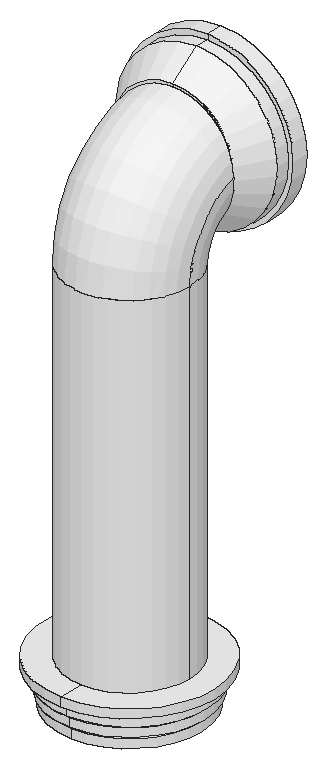
Revit family "105 - CODO CONECTOR A 20,5 CM", category Uniones de tubería, Revit 2020
Family settings
  Cota de conector redondo = Radio de uso
  Tipo de pieza = Codo
  Número OmniClass = 23.45.05.14.21.11
  Título OmniClass = Bath/Shower Units
  Se basa en plano de trabajo = Sí
  Siempre vertical = Sí
  Corte con vacíos al cargar = No
  Compartido = No
Parameters (values of type "CODO CONECTOR A 20,5 CM")
  WFU = 2
  URL = "https://www.fanaloza.cl/producto/codo-de-conexion-taza-piso-a-205-cm/"
  Sanitary Radius = 20 mm
  HWFU = 1
  F_Tolerancia dimensional = ""
  F_Tipo de instalación = "A piso"
  F_Tipo de aro = ""
  F_SKU = "SC0024620001BO"
  F_Profundidad = 13.00 cm
  F_Productos necesarios para instalación = ""
  F_Productos incluidos = ""
  F_Peso = 0.38 kgf
  F_Distancia de instalación a muro terminado (cm) = "20.5"
  F_Descripción = "Codo de conexión para inodoro multidescarga, para instalación a 20,5 cm. Fabricado en PVC de alta resistencia"
  F_Contacto comercial = "ventas@fanaloza.cl"
  F_Consumo / Capacidad de agua (L) = ""
  F_Color = "Blanco"
  F_Certificación = ""
  F_Ancho = 12.80 cm
  F_Alto = 41.50 cm
  Default Elevation = 0.00 cm
  CWFU = 1
  Bath Tub Material = none
  Flow Pressure [instance] = 55158.0 Pa
  Faucet Material = none
  Cold Water Radius = 7.5 mm
Reference planes (cm)
  plane 1 "Center (Front/Back)": y = 0
  plane 2: z = 0
  plane 3 "Center (Left/Right)": x = 0
Dimensions and locks (cm)
  aligned and locked: level to nested 1
  aligned and locked: plane 1 "Center (Front/Back)" to nested 1
Nested families (cm)
  nested 1: "CODO CONECTOR A 20,5 CM" at (17.5766, 0, 0), type "CODO CONECTOR A 20,5 CM"
    with Flow Pressure 55158.0 Pa
Connectors (cm)
  piping at (0, 0, 35.1), diameter 7.2
    settings: on nested 1, index 1, connector inside diameter 609.6 mm, connector length 0.00 cm, flow factor 0, pipe flow 0.0 L/s, pressure drop 0.0 Pa, fitting loss kfactor 0, connector angle 0.00°, fixture units 0, engagement length 0.00 cm, angle of deflection 0.00°, flow configuration 3, flow direction 2, fitting loss method 4, system type 16, joint type 0, gender type 0, connector reference index -1, connector utility 0, adjustable connector no, is connector primary yes, connector description "OUT"
  piping at (0, -8.5, 0), diameter 7.2
    settings: on nested 1, index 2, connector inside diameter 609.6 mm, connector length 0.00 cm, flow factor 0, pipe flow 0.0 L/s, pressure drop 0.0 Pa, fitting loss kfactor 0, connector angle 0.00°, fixture units 0, engagement length 0.00 cm, angle of deflection 0.00°, flow configuration 3, flow direction 2, fitting loss method 4, system type 16, joint type 0, gender type 0, connector reference index -1, connector utility 0, adjustable connector no, is connector primary no, connector description "OUT"
Definition of nested family "CODO CONECTOR A 20,5 CM"
  Parameters (values of type "CODO CONECTOR A 20,5 CM")
    WFU = 2
    Sanitary Radius = 20 mm
    HWFU = 3
    F_Tolerancia dimensional = ""
    F_Tipo de instalación = ""
    F_Tipo de aro = ""
    F_SKU = ""
    F_Profundidad = 0.00 cm
    F_Productos necesarios para instalación = ""
    F_Productos incluidos = ""
    F_Peso = 0.00 kgf
    F_Distancia de instalación a muro terminado (cm) = ""
    F_Descripción = ""
    F_Contacto comercial = ""
    F_Consumo / Capacidad de agua (L) = ""
    F_Color = ""
    F_Certificación = ""
    F_Ancho = 0.00 cm
    F_Alto = 0.00 cm
    Flow Pressure [instance] = 55158.0 Pa
    Default Elevation = 0.00 cm
    Cold Water Radius = 7.5 mm
    PVC = none
    CWFU = 3
  Reference planes (cm)
    plane 1 "Center (Front/Back)": y = 0
    plane 2: z = 0
    plane 3: x = -17.5766
    plane 4: z = 41.5
    plane 5: z = 35.1
    plane 6: z = 39.6
  Forms (cm)
    Revolve 1, solid, material <- "PVC"
      sketch origin (-17.5766, -8.5, 0) x (0, 1, 0) y (0, 0, 1)
        loop
          line (8.5, 41.5) -> (7.2503, 41.5) -> (7.2503, 41.1258) -> (6.2503, 41.1258) -> (4.0253, 39.6) -> (4.0253, 38.7) -> (8.5, 38.7) -> (8.5, 41.5)
        axis (4.0253, 35.1) -> (8.5, 35.1)
      angle from 0 to 360
    Revolve 2, solid, material <- "PVC"
      sketch origin (-17.5766, -8.5, 0) x (0, 1, 0) y (0, 0, 1)
        loop
          line (6.4, 3.2) -> (3.6, 3.2) -> (3.6, 0) -> (5.4, 0) -> (5.4, 0.639) -> (4.5, 0.639) -> (4.5, 0.8537) -> (5.6, 0.8537) -> (5.6, 1.4927) -> (4.5, 1.4927) -> (4.5, 1.7073) -> (5.85, 1.7073) -> (5.85, 2.3463) -> (4.5, 2.3463) -> (4.5, 2.561) -> (6.4, 2.561) -> (6.4, 3.2)
        axis (0, 3.2) -> (0, 0)
      angle from 0 to 360
    Sweep 3, solid, material <- "PVC"
      path origin (-17.5766, -8.5, 0) x (0, 1, 0) y (0, 0, 1)
        loop
          line (13, 30.6) -> (5.6977, 30.6)
          arc (5.6977, 30.6) -> (4.8508, 30.2492) -> (4.5, 29.4023) r 1.1977
          line (4.5, 29.4023) -> (4.5, 3.2)
      profile origin (-17.5766, 0.8488, 30.6) x (0, 0, -1) y (1, 0, 0)
        loop
          circle (-4.5, 0) r 4.5
        loop
          circle (-4.5, 0) r 3.6
    Extrusion 4, void
      sketch origin (0, -8.5, 0) x (0, 1, 0) y (0, 0, 1)
        loop
          line (15.0197, 39.6) -> (4.5, 39.6) -> (4.5, 30.6) -> (15.0197, 30.6) -> (15.0197, 39.6)
      from -22.6309 to 0.6
  Cuts and joins
    Extrusion 4 cuts Sweep 3
  Dimensions and locks (cm)
    Revolve 2 to Revolve 2 = 3.20 cm
    plane 5 to level = 35.10 cm
    plane 4 to level = 41.50 cm
